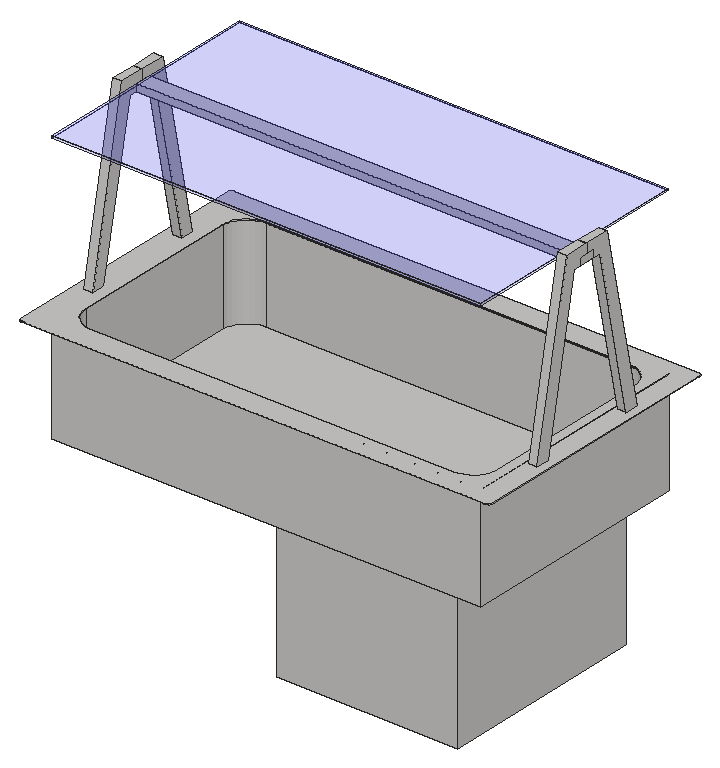
Revit family "QF_ELECTROLUXPROFESSIONAL_341178_D10C3O", category Attrezzature speciali, Revit 2020
Family settings
  Quota connettore circolare = Usa diametro
  Tipo di parte = Normale
  Basato su piano di lavoro = No
  Sempre verticale = Sì
  Taglio con vuoti quando caricato = No
  Condiviso = No
  Punto di calcolo locali = No
Parameters (values of type "Standard")
  Weight = 67.68 kg
  Watts = 0 W
  Volts = 220 V
  URL Manufacturer = "https://www.electroluxprofessional.com/"
  URL = "https://www.electroluxprofessional.com/"
  Steam Supply Size = 0 mm
  Steam Supply Minimum Pressure = 0.0 Pa
  Steam Supply Maximum Pressure = 0.0 Pa
  Steam Consumption per Hour = 0
  Refrigeration Suction Line Size = 0 mm
  Refrigeration Liquid Line Size = 0 mm
  Refrigerant Compressor Remote = yes
  Prospetto di default = 0 mm
  Produttore = "Electrolux Professional"
  Phase = 1
  Modello = "D10C3O"
  Length Actual = 1100 mm  # constant formula
  Item Number = "341178"
  Hot Water Size = 0 mm
  Height Actual = 999 mm  # constant formula
  HP = "0 HP"
  Gas Size = 0 mm
  Gas KW = 0
  Gas Input Pressure = 0 W
  Direct Waste Size = 0 mm
  Descrizione = "DROP-IN REFRIGERATED WELL, STATIC, 3GN WITH A TYPE OVERSHELF AND LED LIGHT"
  Depth Actual = 620 mm  # constant formula
  Cycle = 50 Hz
  Condensate Return Size = 0 mm
  Compressed Air Volume = 0.0 L/s
  Compressed Air Size = 0 mm
  Compressed Air Pressure = 0.0 Pa
  Cold Water Size = 0 mm
  Accessory = yes
Reference planes
  plane 1 "BACK": y = 0
  plane 2: z = 5.426
  plane 3 "LEFT": x = 0
  plane 4: y = -620
  plane 5: z = 409.426
  plane 6: y = -310
  plane 7: x = 550
Forms (mm)
  Extrusion 1, solid, material "QF_Finishes_Stainless Steel"
    sketch origin (0, 0, 5.426) x (1, 0, 0) y (0, 1, 0)
      loop
        arc (10, 0) -> (2.929, -2.929) -> (0, -10) r 10
        line (0, -10) -> (0, -610)
        arc (0, -610) -> (2.929, -617.071) -> (10, -620) r 10
        line (10, -620) -> (1090, -620)
        arc (1090, -620) -> (1097.071, -617.071) -> (1100, -610) r 10
        line (1100, -610) -> (1100, -10)
        arc (1100, -10) -> (1097.071, -2.929) -> (1090, 0) r 10
        line (1090, 0) -> (10, 0)
    from 0 to 1
  Extrusion 2, solid, material "QF_Finishes_Stainless Steel"
    sketch origin (0, 0, 12.548) x (1, 0, 0) y (0, 1, 0)
      loop
        line (50, -35) -> (50, -585) -> (1050, -585) -> (1050, -35) -> (50, -35)
    from -251.122 to -7.122
  Extrusion 3, void
    sketch origin (0, 0, -2.817) x (1, 0, 0) y (0, 1, 0)
      loop
        arc (125, -55) -> (86.109, -71.109) -> (70, -110) r 55
        line (70, -110) -> (70, -510)
        arc (70, -510) -> (86.109, -548.891) -> (125, -565) r 55
        line (125, -565) -> (975, -565)
        arc (975, -565) -> (1013.891, -548.891) -> (1030, -510) r 55
        line (1030, -510) -> (1030, -110)
        arc (1030, -110) -> (1013.891, -71.109) -> (975, -55) r 55
        line (975, -55) -> (125, -55)
    from -209.107 to 9.244
  Extrusion 4, solid, material "QF_Finishes_Stainless Steel"
    sketch origin (21.5, -620, 0) x (0, -1, 0) y (0, 0, -1)
      loop
        line (-310, -409.426) -> (-250.873, -409.426) -> (-165, -5.426) -> (-195, -5.426) -> (-272.583, -370.426) -> (-310, -370.426) -> (-310, -409.426)
    from 0 to 20
  Extrusion 5, solid, material "QF_Finishes_Stainless Steel"
    sketch origin (21.5, 0, 0) x (0, 1, 0) y (0, 0, 1)
      loop
        line (-310, 409.426) -> (-310, 370.426) -> (-272.583, 370.426) -> (-195, 5.426) -> (-165, 5.426) -> (-250.873, 409.426) -> (-310, 409.426)
    from 0 to 20
  Extrusion 6, solid, material "QF_Finishes_Stainless Steel"
    sketch origin (1078, -620, 0) x (0, -1, 0) y (0, 0, 1)
      loop
        line (-310, 409.426) -> (-310, 370.426) -> (-272.583, 370.426) -> (-195, 5.426) -> (-165, 5.426) -> (-250.873, 409.426) -> (-310, 409.426)
    from 0 to 20
  Extrusion 7, solid, material "QF_Finishes_Stainless Steel"
    sketch origin (1078, 0, 0) x (0, 1, 0) y (0, 0, -1)
      loop
        line (-310, -409.426) -> (-250.873, -409.426) -> (-165, -5.426) -> (-195, -5.426) -> (-272.583, -370.426) -> (-310, -370.426) -> (-310, -409.426)
    from 0 to 20
  Extrusion 8, solid, material "QF_Finishes_Stainless Steel"
    sketch origin (0, 0, 0) x (0, 1, 0) y (0, 0, 1)
      loop
        line (-291.292, 370.426) -> (-291.292, 387.956) -> (-328.917, 387.956) -> (-328.917, 370.426) -> (-291.292, 370.426)
    from 21.5 to 1078
  Extrusion 9, solid, material "Vetro"
    sketch origin (0, 0, 5.426) x (1, 0, 0) y (0, 1, 0)
      loop
        line (50, -35) -> (50, -585) -> (1050, -585) -> (1050, -35) -> (50, -35)
    from 382.529 to 387.529
  Extrusion 10, solid, material "QF_Finishes_Stainless Steel"
    sketch origin (443.657, -629.667, -643.387) x (0, 0, -1) y (0, -1, 0)
      loop
        circle (-372.814, -140.692) r 12.7
    from 5 to 70.307
  Extrusion 11, solid, material "QF_Finishes_Stainless Steel"
    sketch origin (160, -7, 5.426) x (1, 0, 0) y (0, 1, 0)
      loop
        circle (226.025, -481.971) r 12.675
    from -276 to -244
  Extrusion 12, solid, material "QF_Finishes_Stainless Steel"
    sketch origin (1222.74, 95, -304.649) x (0, 1, 0) y (0, 0, -1)
      loop
        line (-161.185, -66.076) -> (-161.185, 268.924) -> (-651.185, 268.924) -> (-651.185, -66.076) -> (-161.185, -66.076)
    from 247.74 to 670.28
Cuts and joins
  Extrusion 3 cuts Extrusion 1
  Extrusion 3 cuts Extrusion 2
Dimensions and locks
  equal spacing: Extrusion 1, Extrusion 2 sketch curve, Extrusion 2 sketch curve, Extrusion 1  (x2)
  Extrusion 1 to Extrusion 1 = 1100 mm
  Extrusion 1 to plane 1 "BACK" = 620 mm
  equal spacing: Extrusion 2, Extrusion 3 sketch curve, Extrusion 3 sketch curve, Extrusion 2  (x2)
  plane 5 to plane 2 = 404 mm
  equal spacing: plane 3 "LEFT", plane 7, cut or joined group of Extrusion 1, Extrusion 3
  aligned and locked: level to plane 2
Automatic sketch dimensions
  Extrusion 1 sketch curve to plane 3 "LEFT" = 0 mm
  plane 4 to Extrusion 1 sketch curve = 0 mm
  plane 1 "BACK" to Extrusion 1 sketch curve = 0 mm
  plane 3 "LEFT" to Extrusion 1 sketch curve = 10 mm  (x2)
  plane 3 "LEFT" to Extrusion 2 sketch curve = 50 mm
  Extrusion 2 sketch curve to plane 4 = 35 mm
  plane 1 "BACK" to Extrusion 2 sketch curve = 35 mm
  plane 3 "LEFT" to Extrusion 3 sketch curve = 70 mm
  Extrusion 3 sketch curve to Extrusion 3 sketch curve = 55 mm  (x4)
  Extrusion 3 sketch curve to plane 4 = 55 mm
  plane 1 "BACK" to Extrusion 3 sketch curve = 110 mm
  Extrusion 4 sketch curve to plane 6 = 0 mm
  plane 5 to Extrusion 4 sketch curve = 0 mm
  Extrusion 4 sketch curve to level = 0 mm
  Extrusion 4 sketch curve to Extrusion 4 sketch curve = 37.417 mm
  Extrusion 4 sketch curve to Extrusion 4 sketch curve = 21.71 mm
  plane 6 to Extrusion 4 sketch curve = 115 mm
  Extrusion 4 sketch curve to Extrusion 4 sketch curve = 30 mm
  Extrusion 4 sketch curve to Extrusion 4 sketch curve = 39 mm
  Extrusion 5 sketch curve to plane 6 = 0 mm
  plane 5 to Extrusion 5 sketch curve = 0 mm
  Extrusion 5 sketch curve to level = 0 mm
  Extrusion 5 sketch curve to Extrusion 5 sketch curve = 37.417 mm
  Extrusion 5 sketch curve to Extrusion 5 sketch curve = 21.71 mm
  plane 6 to Extrusion 5 sketch curve = 115 mm
  Extrusion 5 sketch curve to Extrusion 5 sketch curve = 30 mm
  Extrusion 5 sketch curve to Extrusion 5 sketch curve = 39 mm
  Extrusion 6 sketch curve to plane 6 = 0 mm
  plane 5 to Extrusion 6 sketch curve = 0 mm
  Extrusion 6 sketch curve to level = 0 mm
  Extrusion 6 sketch curve to Extrusion 6 sketch curve = 37.417 mm
  Extrusion 6 sketch curve to Extrusion 6 sketch curve = 21.71 mm
  Extrusion 6 sketch curve to plane 6 = 115 mm
  Extrusion 6 sketch curve to Extrusion 6 sketch curve = 30 mm
  Extrusion 6 sketch curve to Extrusion 6 sketch curve = 39 mm
  Extrusion 7 sketch curve to plane 6 = 0 mm
  plane 5 to Extrusion 7 sketch curve = 0 mm
  Extrusion 7 sketch curve to level = 0 mm
  Extrusion 7 sketch curve to Extrusion 7 sketch curve = 37.417 mm
  Extrusion 7 sketch curve to Extrusion 7 sketch curve = 21.71 mm
  plane 6 to Extrusion 7 sketch curve = 115 mm
  Extrusion 7 sketch curve to Extrusion 7 sketch curve = 30 mm
  Extrusion 7 sketch curve to Extrusion 7 sketch curve = 39 mm
  Extrusion 8 sketch curve to plane 6 = 18.917 mm
  plane 6 to Extrusion 8 sketch curve = 18.708 mm
  plane 5 to Extrusion 8 sketch curve = 39 mm
  Extrusion 8 sketch curve to Extrusion 8 sketch curve = 17.529 mm
  plane 3 "LEFT" to Extrusion 9 sketch curve = 50 mm
  Extrusion 9 sketch curve to plane 4 = 35 mm
  plane 1 "BACK" to Extrusion 9 sketch curve = 35 mm
  Extrusion 11 sketch curve to plane 4 = 131.029 mm
  Extrusion 11 sketch curve to plane 7 = 163.975 mm
  Extrusion 12 sketch curve to plane 6 = 246.185 mm
  plane 6 to Extrusion 12 sketch curve = 243.815 mm
  Extrusion 12 sketch curve to level = 244 mm
  Extrusion 12 sketch curve to Extrusion 12 sketch curve = 335 mm
  plane 7 to Extrusion 1 sketch curve = 540 mm  (x2)
  plane 1 "BACK" to Extrusion 1 sketch curve = 10 mm
  plane 7 to Extrusion 2 sketch curve = 500 mm
  plane 7 to Extrusion 3 sketch curve = 425 mm
  plane 7 to Extrusion 9 sketch curve = 500 mm
  Extrusion 10 sketch curve to plane 4 = 131.025 mm
  Extrusion 10 sketch curve to level = 276 mm
  radius of Extrusion 11 sketch curve = 12.675 mm
  radius of Extrusion 10 sketch curve = 12.7 mm
Connectors
  piping at (438.657, -488.975, -270.574), diameter 25.4
    settings: on Extrusion 10, index 5, connector inside diameter 609.6 mm, connector length 0 mm, flow factor 0, pipe flow 0.0 L/s, pressure drop 0.0 Pa, fitting loss kfactor 0, connector angle 0.00°, fixture units 0, engagement length 0 mm, angle of deflection 0.00°, flow configuration 0, flow direction 0, fitting loss method 0, system type 29, joint type 0, gender type 0, connector reference index -1, connector utility 0, adjustable connector no, is connector primary yes, connector description "D"
